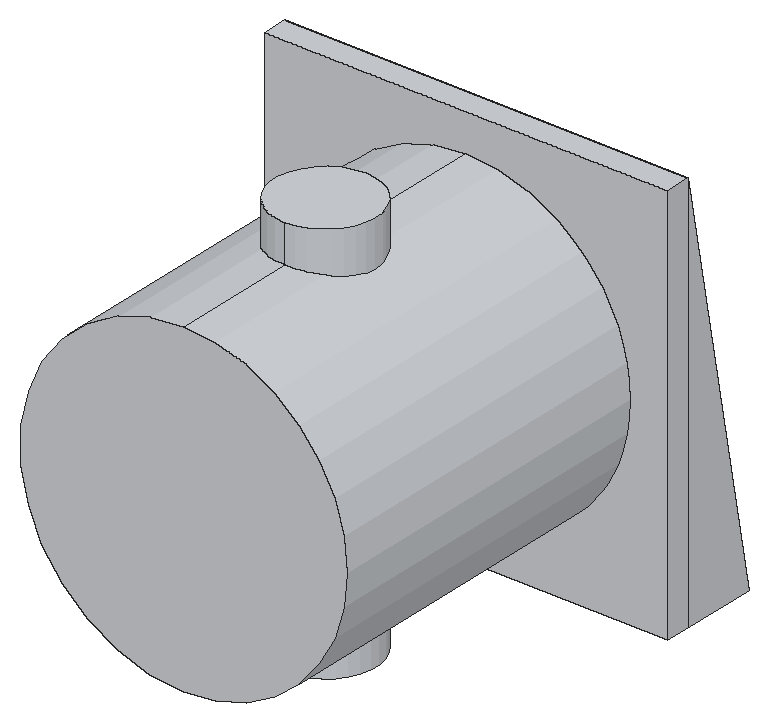
Revit family "DG_Datendoppeldose RJ45_V1700", category Datengeräte, Revit 2017
Family settings
  Beschriftungsausrichtung beibehalten = Ja
  Bemaßung runder Anschluss = Durchmesser verwenden
  Teiletyp = Normal
  OmniClass-Nummer = 23.85.50.17
  OmniClass-Titel = Communication and Data Processing Equipment
  Arbeitsebenenbasiert = Nein
  Immer vertikal = Ja
  Beim Laden mit Abzugskörper schneiden = Ja
  Gemeinsam genutzt = Nein
  Raumberechnungspunkt = Nein
Parameters (values of type "WLAN_DECT_EDV")
  pbr_Material_KZ = ""
  pbr_Material = none
  pbr_E_Typ = ""
  pbr_E_KZ = ""
  pbr_DINBild = 0
  pbr_Bild = 0
  pbr_3Dx_Delta_Korrekturversatz [instance] = 0 mm
  pbr_3DX_Versatzfaktor [instance] = 0
  pbr_2DY_Versatzfaktor [instance] = 0
  pbr_2DX_Versatzfaktor [instance] = 0
  lfd_STRK [instance] = 0
  cpiFitMatchKey [instance] = "KK  EDVD2f"
  Winkel [instance] = 0.00°
  Typ [instance] = ""
  Text3 [instance] = ""
  Text2 [instance] = ""
  Text1 [instance] = ""
  RJ45 Datendoppeldose Wlan-Dect (EDV) = yes
  RJ45 Datendoppeldose WLAN (EDV) = no
  RJ45 Datendoppeldose Notfall (EDV) = no
  RJ45 Datendoppeldose LWL (VMT) = no
  RJ45 Datendoppeldose LWL (EDV) = no
  RJ45 Datendoppeldose DECT = no
  RJ45 Datendoppeldose (VMT) = no
  RJ45 Datendoppeldose (SPA) = no
  RJ45 Datendoppeldose (KAS) = no
  RJ45 Datendoppeldose (EDV) = no
  Port2 [instance] = ""
  Port1 [instance] = ""
  Planungsbüro Rohling = ""
  Patchfeld [instance] = ""
  Netzart = ""
  Menge(Dosenzahl) [instance] = 0
  Linie/Anschluss [instance] = ""
  Linie [instance] = ""
  Installationsart = ""
  Info [instance] = ""
  Gewerk [instance] = "EDV"
  Bus [instance] = ""
  Breite [instance] = 80 mm
  Betriebsstrom ruhe [instance] = 0
  Betriebsstrom max [instance] = 0
  Eckversatz [instance] = 0 mm
  YFrontversatz [instance] = if(pbr_2DY_Versatzfaktor = 300, 0 mm, pbr_2DY_Versatzfaktor * 300 mm)  # 0 mm
  XSeitenversatz [instance] = if(pbr_2DX_Versatzfaktor = 0, 3000 mm, 3000 mm + (pbr_2DX_Versatzfaktor * 300 mm)) + Eckversatz  # 3000 mm
  X3Dversatz [instance] = if([3DX_Versatzkontrolle] = 0, 2000 mm, 2000 mm + ([3DX_Versatzkontrolle] * (300 mm - Breite))) + pbr_3Dx_Delta_Korrekturversatz  # 2000 mm
  Steckdosenradius = 20 mm
  Spannung = 230 V
  R_Leerrohranschluss = 10 mm
  Niveau [instance] = 500 mm
  Lastklassifizierung = Anschlussbuchse
  Dosentiefe = 70 mm  # constant formula
  Dosenradius = 65 mm / 2  # 32.5 mm
  D_Leerrohranschluss = 2 * R_Leerrohranschluss  # 20 mm
  3DX_Versatzkontrolle [instance] = if(pbr_3DX_Versatzfaktor = 0, (pbr_2DX_Versatzfaktor * -1), (((-1 * pbr_3DX_Versatzfaktor) + pbr_2DX_Versatzfaktor) * -1))  # 0
  Platzierrahmen [instance] = no
Types (10, lengths in mm): name | RJ45 Datendoppeldose Wlan-Dect (EDV) | RJ45 Datendoppeldose WLAN (EDV) | RJ45 Datendoppeldose Notfall (EDV) | RJ45 Datendoppeldose LWL (VMT) | RJ45 Datendoppeldose LWL (EDV) | RJ45 Datendoppeldose DECT | RJ45 Datendoppeldose (VMT) | RJ45 Datendoppeldose (SPA) | RJ45 Datendoppeldose (KAS) | RJ45 Datendoppeldose (EDV) | Gewerk | Niveau
  EDV | no | no | no | no | no | no | no | no | no | yes | "EDV" | 300
  DECT_EDV | no | no | no | no | no | yes | no | no | no | no | "EDV" | 300
  LWL_EDV | no | no | no | no | yes | no | no | no | no | no | "EDV" | 300
  Notfall_EDV | no | no | yes | no | no | no | no | no | no | no | "EDV" | 300
  WLAN_EDV | no | yes | no | no | no | no | no | no | no | no | "EDV" | 300
  WLAN_DECT_EDV | yes | no | no | no | no | no | no | no | no | no | "EDV" | 500
  KAS | no | no | no | no | no | no | no | no | yes | no | "KAS" | 300
  SPA | no | no | no | no | no | no | no | yes | no | no | "SPA" | 300
  VMT | no | no | no | no | no | no | yes | no | no | no | "VMT" | 300
  LWL_VMT | no | no | no | yes | no | no | no | no | no | no | "VMT" | 300
Reference planes
  plane 1 "Mitte (Vorne/Hinten)": y = 0
  plane 2: z = 0
  plane 3 "Mitte (Links/Rechts)": x = 0
  plane 4: x = -125
  plane 5: x = 125
  plane 6: y = 300
  plane 7 "Schalterhinten": y = 0
  plane 8: x = -3000
  plane 9: x = 0
  plane 10: x = -2000
  plane 11: x = -40
  plane 12: x = 40
  plane 13: z = 540
  plane 14: z = 460
  plane 15 "SchalterVorne": y = 5
  plane 16 "3DSchalterMitte": x = 0
  plane 17 "Achse": z = 500
  plane 18: y = -70
  plane 19: y = -35
  plane 20: z = 520
  plane 21: z = 480
  plane 22 "EDV01": x = -20
  plane 23 "EDV2": x = 20
  plane 24: y = 225
  plane 25: y = 12.5
  plane 26: z = 470
Forms (mm)
  Extrusion 1, solid
    sketch origin (0, 20, 0) x (0, 0, 1) y (-1, 0, 0)
      loop
        line (460, 40) -> (460, -40) -> (540, -40) -> (540, 40) -> (460, 40)
    from 15 to 20
  Sweep 2, solid
    path origin (0, 0, 0) x (0, 0, 1) y (0, -1, 0)
      loop
        line (500, 0) -> (500, 70)
    profile origin (0, -35, 500) x (0, 0, -1) y (1, 0, 0)
      loop
        circle (0, 0) r 32.5
  Sweep 3, solid
    path origin (0, 0, 0) x (0, 0, 1) y (0, -1, 0)
      loop
        line (460, 35) -> (540, 35)
    profile origin (0, -35, 500) x (0, -1, 0) y (1, 0, 0)
      loop
        circle (0, 0) r 10
  Extrusion 4, solid
    sketch origin (0, 0, 0) x (0, 1, 0) y (0, 0, 1)
      loop
        line (5, 460) -> (20, 460) -> (5, 540) -> (5, 460)
    from -40 to 40
  Extrusion 5, void
    sketch origin (0, 0, 0) x (1, 0, 0) y (0, 1, 0)
      loop
        circle (-20, 12.5) r 5
      loop
        circle (20, 12.5) r 5
    from 460 to 470
Cuts and joins
  joined: Extrusion 1, Sweep 2, Sweep 3
  Extrusion 5 cuts Extrusion 4
Dimensions and locks
  plane 4 to plane 5 = 250 mm
  plane 6 to plane 7 "Schalterhinten" = 300 mm
  equal spacing: plane 4, plane 9, plane 5, locked at 125 each
  "XSeitenversatz": plane 8 to plane 9
  plane 8 to plane 3 "Mitte (Links/Rechts)" = 3000 mm
  "YFrontversatz": plane 1 "Mitte (Vorne/Hinten)" to plane 7 "Schalterhinten"
  plane 12 to plane 11 = 80 mm
  plane 13 to plane 14 = 80 mm
  plane 9 to plane 10 = 2000 mm
  equal spacing: plane 12, plane 16 "3DSchalterMitte", plane 11
  "X3Dversatz": plane 16 "3DSchalterMitte" to plane 10
  equal spacing: plane 13, plane 17 "Achse", plane 14
  "Dosentiefe": plane 1 "Mitte (Vorne/Hinten)" to plane 18
  plane 15 "SchalterVorne" to plane 1 "Mitte (Vorne/Hinten)" = 5 mm
  equal spacing: plane 18, plane 19, plane 1 "Mitte (Vorne/Hinten)"
  plane 13 to plane 20 = 20 mm
  plane 21 to plane 14 = 20 mm
  plane 22 "EDV01" to plane 11 = 20 mm
  plane 12 to plane 23 "EDV2" = 20 mm
  plane 24 to plane 7 "Schalterhinten" = 225 mm
  equal spacing: Extrusion 4, plane 25, Extrusion 4
  locked: plane 9 to nested 1
  locked: nested 1 to plane 7 "Schalterhinten" at 0
  "Breite": cut or joined group of Extrusion 4, Extrusion 5 to cut or joined group of Extrusion 4, Extrusion 5
  "Niveau": level to plane 17 "Achse"
  locked: plane 17 "Achse" to plane 26 at 30
  locked: plane 26 to plane 14 at 10
  "Dosenradius": radius of Sweep 2 sketch curve
  "R_Leerrohranschluss": radius of Sweep 3 sketch curve
  aligned and locked: level to plane 2
  aligned and locked: plane 14 to Extrusion 1 sketch curve
  aligned and locked: Extrusion 1 sketch curve to plane 11
  aligned and locked: Extrusion 1 sketch curve to plane 13
  aligned and locked: plane 12 to Extrusion 1 sketch curve
  aligned and locked: plane 1 "Mitte (Vorne/Hinten)" to Extrusion 1
  aligned and locked: Extrusion 1 to plane 15 "SchalterVorne"
  aligned and locked: Extrusion 4 to plane 11
  aligned and locked: Extrusion 4 to Extrusion 5
  aligned and locked: nested 2 to plane 9
  aligned and locked: nested 2 to plane 7 "Schalterhinten"
  aligned and locked: nested 3 to plane 9
  aligned and locked: nested 3 to plane 7 "Schalterhinten"
  aligned and locked: nested 4 to plane 9
  aligned and locked: nested 4 to plane 7 "Schalterhinten"
  aligned and locked: nested 5 to plane 9
  aligned and locked: nested 5 to plane 7 "Schalterhinten"
  aligned and locked: nested 6 to plane 9
  aligned and locked: nested 6 to plane 7 "Schalterhinten"
  aligned and locked: nested 7 to plane 9
  aligned and locked: nested 7 to plane 7 "Schalterhinten"
  aligned and locked: nested 8 to plane 9
  aligned and locked: nested 8 to plane 7 "Schalterhinten"
  aligned and locked: nested 9 to plane 9
  aligned and locked: nested 9 to plane 7 "Schalterhinten"
  aligned and locked: nested 10 to plane 9
  aligned and locked: nested 10 to plane 7 "Schalterhinten"
  aligned and locked: Extrusion 4 to plane 14
  aligned and locked: Extrusion 5 to plane 14
  aligned and locked: plane 26 to Extrusion 5
  aligned and locked: cut or joined group of Extrusion 1, Sweep 2, Sweep 3 to Extrusion 5
Automatic sketch dimensions
  Sweep 3 sketch curve to plane 14 = 0 mm
  plane 13 to Sweep 3 sketch curve = 0 mm
  Sweep 3 sketch curve to plane 19 = 0 mm
  Sweep 3 sketch curve to plane 16 "3DSchalterMitte" = 0 mm
  Sweep 3 sketch curve to profile plane = 0 mm
  Sweep 2 sketch curve to plane 17 "Achse" = 0 mm
  Sweep 2 sketch curve to plane 1 "Mitte (Vorne/Hinten)" = 0 mm
  Sweep 2 sketch curve to plane 18 = 0 mm
  plane 16 "3DSchalterMitte" to Sweep 2 sketch curve = 0 mm
  Sweep 2 sketch curve to profile plane = 0 mm
  plane 13 to Extrusion 4 sketch curve = 0 mm
  Extrusion 4 sketch curve to plane 15 "SchalterVorne" = 0 mm
  Extrusion 4 sketch curve to plane 14 = 0 mm
  Extrusion 4 sketch curve to plane 15 "SchalterVorne" = 15 mm
  Extrusion 5 sketch curve to plane 22 "EDV01" = 0 mm
  Extrusion 5 sketch curve to plane 23 "EDV2" = 0 mm
  Extrusion 5 sketch curve to plane 25 = 0 mm  (x2)
  radius of Extrusion 5 sketch curve = 5 mm  (x2)
Nested families
  nested 1: "Datendoppeldose RJ45" at (0, 0, 0), visible <- "RJ45 Datendoppeldose (EDV)", type "Datendoppeldose RJ45"
  nested 2: "RJ45 Datendoppeldose DECT" at (0, 0, 0), visible <- "RJ45 Datendoppeldose DECT", type "RJ45 Datendoppeldose DECT"
  nested 3: "Datendoppeldose LAN (LWL) 4 Fasern" at (0, 0, 0), visible <- "RJ45 Datendoppeldose LWL (EDV)", type "Datendoppeldose LAN (LWL) 4 Fasern"
  nested 4: "RJ45 Datendoppeldose Nottelefon" at (0, 0, 0), visible <- "RJ45 Datendoppeldose Notfall (EDV)", type "RJ45 Datendoppeldose Nottelefon"
  nested 5: "RJ45 Datendoppeldose WLAN" at (0, 0, 0), visible <- "RJ45 Datendoppeldose WLAN (EDV)", type "RJ45 Datendoppeldose WLAN"
  nested 6: "RJ45 Datendoppeldose WLAN-DECT" at (0, 0, 0), visible <- "RJ45 Datendoppeldose Wlan-Dect (EDV)", type "RJ45 Datendoppeldose WLAN-DECT"
  nested 7: "RJ45 Datendoppeldose (KAS)" at (0, 0, 0), visible <- "RJ45 Datendoppeldose (KAS)", type "RJ45 Datendoppeldose (KAS)"
  nested 8: "Datendoppeldose RJ45" at (0, 0, 0), visible <- "RJ45 Datendoppeldose (SPA)", type "Datendoppeldose RJ45"
  nested 9: "RJ45 Datendoppeldose (KAS)" at (0, 0, 0), visible <- "RJ45 Datendoppeldose (VMT)", type "RJ45 Datendoppeldose (KAS)"
  nested 10: "RJ45 Datendoppeldose (KAS)" at (0, 0, 0), visible <- "RJ45 Datendoppeldose LWL (VMT)", type "RJ45 Datendoppeldose (KAS)"
Connectors
  electrical at (0, -35, 540), driven by "Spannung"
    settings: on cut or joined group of Extrusion 1, Sweep 2, Sweep 3, index 1, voltage 230 V, apparent load 0 VA, apparent load phase1 0 VA, apparent load phase2 0 VA, apparent load phase3 0 VA, power factor 1, load classification "Elektro", number of poles 1, system type 5, power factor state 1, is connector primary yes, connector utility no, sub classification motor no, connector description ""
  cabletrayconduit at (0, -35, 540), diameter 20, driven by "D_Leerrohranschluss"
    settings: on cut or joined group of Extrusion 1, Sweep 2, Sweep 3, index 2, connector width 300 mm, connector height 300 mm, connector angle 0.00°, system type 32, placement type 0, profile type 0, connector reference index -1, is primary connector yes, connector utility param no, connector description ""
  cabletrayconduit at (0, -35, 460), diameter 20, driven by "D_Leerrohranschluss"
    settings: on cut or joined group of Extrusion 1, Sweep 2, Sweep 3, index 3, connector width 300 mm, connector height 300 mm, connector angle 0.00°, system type 32, placement type 0, profile type 0, connector reference index -1, is primary connector no, connector utility param no, connector description ""
Definition of nested family "Datendoppeldose RJ45"
  Reference planes
    plane 1 "Mitte (Vorne/Hinten)": y = 0
    plane 2: z = 0
    plane 3 "Mitte (Links/Rechts)": x = 0
  Lines and regions (mm)
    Filled region 1, type "Flächenfüllung Schwarz", in view "Referenzebene"
      outline origin (0, 0, 0) x (1, 0, 0) y (0, 1, 0)
        loop
          circle (-57.497, 251.981) r 44.025
        loop
          circle (57.544, 251.981) r 44.021
    detail lines, in view "Referenzebene"
      curve 1: line (125, 282, 0) -> (125, 182, 0)
      curve 2: line (125, 182, 0) -> (-125, 182, 0)
      curve 3: line (-125, 182, 0) -> (-125, 282, 0)
      curve 4: line (0, 182, 0) -> (0, 0, 0)
Definition of nested family "RJ45 Datendoppeldose DECT"
  Reference planes
    plane 1 "Mitte (Vorne/Hinten)": y = 0
    plane 2: z = 0
    plane 3 "Mitte (Links/Rechts)": x = 0
  Lines and regions (mm)
    Filled region 1, type "Beton", in view "Referenzebene"
      outline origin (265.626, 410.736, 0) x (-1, 0, 0) y (0, -1, 0)
        loop
          line (305.626, 322.439) -> (305.626, 238.736) -> (339.339, 238.736)
          spline (339.339, 238.736) -> (355.681, 242.231) -> (363.475, 247.729) -> (368.695, 254.765) -> (372.493, 263.491) -> (374.384, 272.606) -> (374.921, 280.599) -> (374.59, 287.78) -> (373.067, 296.5) -> (369.518, 305.783) -> (363.413, 313.699) -> (355.139, 319.492) -> (339.198, 322.439)
          line (339.198, 322.439) -> (305.626, 322.439)
        loop
          line (316.751, 248.629) -> (337.429, 248.629)
          spline (337.429, 248.629) -> (349.226, 250.679) -> (354.879, 254.086) -> (358.755, 258.967) -> (361.597, 265.663) -> (363.187, 273.437) -> (363.654, 280.794) -> (363.303, 287.651) -> (362.212, 294.527) -> (359.342, 301.323) -> (355.09, 306.86) -> (350.427, 310.188) -> (335.623, 312.648)
          line (335.623, 312.648) -> (316.751, 312.648) -> (316.751, 248.629)
    detail lines, in view "Referenzebene"
      curve 1: line (125, 282, 0) -> (125, 182, 0)
      curve 2: line (125, 182, 0) -> (-125, 182, 0)
      curve 3: line (-125, 182, 0) -> (-125, 282, 0)
      curve 4: line (0, 182, 0) -> (0, 0, 0)
      curve 5: circle (-63.162, 242, 0) r 44.012 normal (0, 0, 1)
      curve 6: circle (65, 242, 0) r 44.019 normal (0, 0, 1)
      curve 7: line (-94.283, 210.879, 0) -> (-32.041, 273.121, 0)
      curve 8: line (-94.283, 273.121, 0) -> (-32.041, 210.879, 0)
      curve 9: line (33.874, 273.126, 0) -> (96.126, 210.874, 0)
      curve 10: line (96.126, 273.126, 0) -> (33.874, 210.874, 0)
Definition of nested family "Datendoppeldose LAN (LWL) 4 Fasern"
  Reference planes
    plane 1 "Mitte (Vorne/Hinten)": y = 0
    plane 2: z = 0
    plane 3 "Mitte (Links/Rechts)": x = 0
  Lines and regions (mm)
    Filled region 1, type "Flächenfüllung Schwarz", in view "Referenzebene"
      outline origin (0, 0, 0) x (1, 0, 0) y (0, 1, 0)
        loop
          circle (60, 241.981) r 44
        loop
          circle (-63.162, 241.981) r 44
    detail lines, in view "Referenzebene"
      curve 1: line (125, 282, 0) -> (125, 182, 0)
      curve 2: line (125, 182, 0) -> (-125, 182, 0)
      curve 3: line (-125, 182, 0) -> (-125, 282, 0)
      curve 4: line (0, 182, 0) -> (0, 0, 0)
Definition of nested family "RJ45 Datendoppeldose Nottelefon"
  Reference planes
    plane 1 "Mitte (Vorne/Hinten)": y = 0
    plane 2: z = 0
    plane 3 "Mitte (Links/Rechts)": x = 0
  Lines and regions (mm)
    Filled region 1, type "Beton", in view "Referenzebene"
      outline origin (182.07, 385.916, 0) x (-1, 0, 0) y (0, -1, 0)
        loop
          line (229.436, 225.429) -> (229.436, 291.284) -> (273.439, 225.473) -> (284.859, 225.473) -> (284.859, 309.257) -> (274.204, 309.257) -> (274.204, 243.478) -> (230.176, 309.222) -> (218.804, 309.222) -> (218.804, 225.429) -> (229.436, 225.429)
    Filled region 2, type "Beton", in view "Referenzebene"
      outline origin (0, 0, 0) x (1, 0, 0) y (0, 1, 0)
        loop
          circle (-57.497, 251.981) r 44.021
        loop
          circle (57.544, 251.981) r 44.02
    detail lines, in view "Referenzebene"
      curve 1: line (125, 282, 0) -> (125, 182, 0)
      curve 2: line (125, 182, 0) -> (-125, 182, 0)
      curve 3: line (-125, 182, 0) -> (-125, 282, 0)
      curve 4: line (0, 182, 0) -> (0, 0, 0)
Definition of nested family "RJ45 Datendoppeldose WLAN"
  Reference planes
    plane 1 "Mitte (Vorne/Hinten)": y = 0
    plane 2: z = 0
    plane 3 "Mitte (Links/Rechts)": x = 0
    plane 4: y = 88.235, in view "Referenzebene"
    plane 5: y = 172, in view "Referenzebene"
  Lines and regions (mm)
    Filled region 1, type "Beton", in view "Referenzebene"
      outline origin (-6.485, 307.879, 0) x (-1, 0, 0) y (0, -1, 0)
        loop
          line (9.926, 219.644) -> (32.157, 135.879) -> (43.485, 135.879) -> (63.708, 209.516) -> (83.999, 135.879) -> (94.705, 135.879) -> (117.657, 219.644) -> (106.5, 219.644) -> (89.207, 147.569) -> (70.697, 219.644) -> (57.308, 219.644) -> (37.588, 147.565) -> (20.947, 219.644) -> (9.926, 219.644)
    Filled region 2, type "Beton", in view "Referenzebene"
      outline origin (0, 0, 0) x (1, 0, 0) y (0, 1, 0)
        loop
          circle (-57.497, 251.981) r 44.018
        loop
          circle (57.544, 251.981) r 44.008
    detail lines, in view "Referenzebene"
      curve 1: line (125, 282, 0) -> (125, 182, 0)
      curve 2: line (125, 182, 0) -> (-125, 182, 0)
      curve 3: line (-125, 182, 0) -> (-125, 282, 0)
      curve 4: line (0, 182, 0) -> (0, 0, 0)
Definition of nested family "RJ45 Datendoppeldose WLAN-DECT"
  Parameters (values of type "RJ45 Datendoppeldose WLAN-DECT")
    Radius Schraffur = 44 mm
  Reference planes
    plane 1 "Mitte (Vorne/Hinten)": y = 0
    plane 2: z = 0
    plane 3 "Mitte (Links/Rechts)": x = 0
    plane 4: y = 88.235, in view "Referenzebene"
    plane 5: y = 172, in view "Referenzebene"
  Lines and regions (mm)
    Filled region 1, type "Beton", in view "Referenzebene"
      outline origin (-6.485, 307.879, 0) x (-1, 0, 0) y (0, -1, 0)
        loop
          line (9.926, 219.644) -> (32.157, 135.879) -> (43.485, 135.879) -> (63.708, 209.516) -> (83.999, 135.879) -> (94.705, 135.879) -> (117.657, 219.644) -> (106.5, 219.644) -> (89.207, 147.569) -> (70.697, 219.644) -> (57.308, 219.644) -> (37.588, 147.565) -> (20.947, 219.644) -> (9.926, 219.644)
    Filled region 2, type "Beton", in view "Referenzebene"
      outline origin (175.993, 411.438, 0) x (-1, 0, 0) y (0, -1, 0)
        loop
          line (305.626, 322.439) -> (305.626, 238.736) -> (339.339, 238.736)
          spline (339.339, 238.736) -> (355.681, 242.231) -> (363.475, 247.729) -> (368.695, 254.765) -> (372.493, 263.491) -> (374.384, 272.606) -> (374.921, 280.599) -> (374.59, 287.78) -> (373.067, 296.5) -> (369.518, 305.783) -> (363.413, 313.699) -> (355.139, 319.492) -> (339.198, 322.439)
          line (339.198, 322.439) -> (305.626, 322.439)
        loop
          line (316.751, 248.629) -> (337.429, 248.629)
          spline (337.429, 248.629) -> (349.226, 250.679) -> (354.879, 254.086) -> (358.755, 258.967) -> (361.597, 265.663) -> (363.187, 273.437) -> (363.654, 280.794) -> (363.303, 287.651) -> (362.212, 294.527) -> (359.342, 301.323) -> (355.09, 306.86) -> (350.427, 310.188) -> (335.623, 312.648)
          line (335.623, 312.648) -> (316.751, 312.648) -> (316.751, 248.629)
    Filled region 3, type "Beton", in view "Referenzebene"
      outline origin (264.422, 409.737, 0) x (1, 0, 0) y (0, 1, 0)
        loop
          circle (-205.772, -167.686) r 44
    detail lines, in view "Referenzebene"
      curve 1: line (125, 282, 0) -> (125, 182, 0)
      curve 2: line (125, 182, 0) -> (-125, 182, 0)
      curve 3: line (-125, 182, 0) -> (-125, 282, 0)
      curve 4: line (0, 182, 0) -> (0, 0, 0)
      curve 5: circle (-63.162, 242, 0) r 44.022 normal (0, 0, 1)
      curve 6: line (-94.29, 210.872, 0) -> (-32.034, 273.128, 0)
      curve 7: line (-32.034, 210.872, 0) -> (-94.29, 273.128, 0)
  Dimensions and locks
    "Radius Schraffur": radius of Filled region 3 sketch curve
Definition of nested family "RJ45 Datendoppeldose (KAS)"
  Parameters (values of type "RJ45 Datendoppeldose (KAS)")
    Radius Schraffur = 44 mm
  Reference planes
    plane 1 "Mitte (Vorne/Hinten)": y = 0
    plane 2: z = 0
    plane 3 "Mitte (Links/Rechts)": x = 0
  Lines and regions (mm)
    Filled region 1, type "Beton", in view "Referenzebene"
      outline origin (59.859, 270.586, 0) x (1, 0, 0) y (0, 1, 0)
        loop
          circle (0.133, -18.083) r 44
    Filled region 2, type "Beton", in view "Referenzebene"
      outline origin (-57.638, 270.586, 0) x (1, 0, 0) y (0, 1, 0)
        loop
          circle (0.133, -18.083) r 44
    detail lines, in view "Referenzebene"
      curve 1: line (125, 282, 0) -> (125, 182, 0)
      curve 2: line (125, 182, 0) -> (-125, 182, 0)
      curve 3: line (-125, 182, 0) -> (-125, 282, 0)
      curve 4: line (0, 182, 0) -> (0, 0, 0)
  Dimensions and locks
    "Radius Schraffur": radius of Filled region 1 sketch curve
    "Radius Schraffur": radius of Filled region 2 sketch curve
